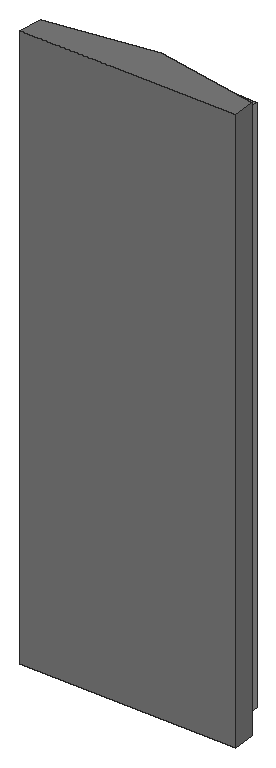
Revit family "JC KONTAKTER JCK105 Armbågskontakt", category Specialty Equipment, host Wall, Revit 2025
Family settings
  Host = Wall
  Round Connector Dimension = Use Diameter
  Part Type = Normal
  Enable Cutting in Views = Yes
  Always vertical = Yes
  Cut with Voids When Loaded = No
  Maintain Annotation Orientation = No
  Shared = No
  Room Calculation Point = No
Parameters (values of type "Armbågskontakt JCK105")
  URL = "https://jckontakter.se/produkt/armbagskontakter-plast/armbagskontakt-jck105/"
  Tillverkningsland = "Sverige"
  Tillvalsförteckning = "https://jckontakter.se/wp-content/uploads/sites/2/Tillval_metall_2024.pdf"
  Tekniskt produktblad = "https://jckontakter.se/wp-content/uploads/2019/06/JCK105.pdf"
  Produktvikt = "0.216 kg"
  Placering av armbågskontakt = "https://jckontakter.se/start/nyheter-och-information/armbagskontakter-placering-riktlinjer/"
  Nominell märkström = "12 V - Resistive 6A Inductive L/R 5ms 6A, 24 V - Resistive 6A Inductive L/R 5ms 5A"
  Model = "JCK105"  # constant formula
  Mikrobrytare = "Standard NO IP67"
  Manufacturer = "JC Kontakter"  # constant formula
  Lägsta märkström = "1mA/4 V DC"
  Core Finish = ABS 750SW (Mörk grå)
  Keynote = ""
  Lid Finish = ABS 750SW (Silver färg)
  Description = "Robust armbågskontakt i tålig ABS-plast. Stilren modell med silverfärgat lock och en kontrasterande mörkgrå underdel.\r\nJCK105 levereras med 1st mikrobrytare i IP67, men går även att beställa med fler."  # constant formula
  Default Elevation = 0 mm
  CE Dokument = "https://jckontakter.se/wp-content/uploads/CE_Dokument.pdf"
  Assembly Code = ""
  Antal mikrobrytare = 1
Reference planes
  plane 1 "Wall": y = 0
  plane 2 "Center (Left/Right)": x = 125
  plane 3 "Back": y = 75
  plane 4 "A": z = 800
Lines and regions (mm)
  Masking region 1
    outline origin (0, 0, -100) x (1, 0, 0) y (0, 0, 1)
      loop
        line (175, 1145) -> (75, 1145) -> (75, 900) -> (175, 900) -> (175, 1145)
  symbolic lines
    curve 1: line (75, 125, 0) -> (175, 125, 0)
    curve 2: line (75, 75, 0) -> (75, 125, 0)
    curve 3: line (175, 75, 0) -> (75, 75, 0)
    curve 4: line (175, 125, 0) -> (175, 75, 0)
    curve 5: line (175, 0, 1045) -> (75, 0, 1045)
    curve 6: line (175, 0, 800) -> (175, 0, 1045)
    curve 7: line (75, 0, 800) -> (175, 0, 800)
    curve 8: line (75, 0, 1045) -> (75, 0, 800)
Text (mm)
  text "Placement Side" at (-1848.837, 1116.779, 0), in view "Ref. Level"
  text "Placement side" at (0, 1409.804, 2854.306), in view "Left"
  text "Placement side" at (0, 499.811, 2980.732), in view "Right"
Dimensions and locks
  locked: plane 3 "Back" to host wall
  locked: curve 3 to curve 1 at 50
  aligned and locked: plane 1 "Wall" to host wall
  aligned and locked: nested 1 to plane 3 "Back"
  aligned and locked: curve 3 to plane 3 "Back"
  aligned and locked: plane 4 "A" to curve 7
  aligned and locked: curve 6 to Masking region 1
  aligned and locked: Masking region 1 to curve 8
Nested families
  nested 1: "AK_105" at (125, 75, 800) x (-1, 0, 0) z (0, 0, 1), type "AK_105", detail levels medium+fine
Definition of nested family "AK_105"
  Parameters (values of type "AK_105")
    URL = "https://jckontakter.se/produkt/armbagskontakter-plast/armbagskontakt-jck105/"
    Model = "JCK105"  # constant formula
    Manufacturer = "JC Kontakter"  # constant formula
    Lid Finish = none
    Core Finish = none
    Description = "Robust armbågskontakt i tålig ABS-plast. Stilren modell med silverfärgat lock och en kontrasterande mörkgrå underdel.\r\nJCK105 levereras med 1st mikrobrytare i IP67, men går även att beställa med fler.\r\nJCK103 levereras med 1st mikrobrytare i IP67, men går även att beställa med fler."  # constant formula
    Default Elevation = 0 mm
  Reference planes
    plane 1 "Center (Front/Back)": y = 0
    plane 2: z = 0
    plane 3 "Center (Left/Right)": x = 0
    plane 4 "1": x = 47.5
    plane 5 "A": z = 5
    plane 6 "B": z = 245
  Forms (mm)
    Extrusion 1, solid, material <- "Core Finish"
      sketch origin (0, 0, 0) x (1, 0, 0) y (0, 1, 0)
        loop
          line (-47.5, 0) -> (-46.5, -10) -> (0, -18) -> (46.5, -10) -> (47.5, 0) -> (-47.5, 0)
      from 0 to 250
    Extrusion 2, void
      sketch origin (0, 0, 0) x (1, 0, 0) y (0, 1, 0)
        loop
          line (-42.5, -4) -> (-42.5, -18.223) -> (42.5, -18.223) -> (42.5, -4) -> (-42.5, -4)
      from 5 to 245
    Extrusion 3, solid, material <- "Lid Finish"
      sketch origin (0, 0, 5) x (-1, 0, 0) y (0, -1, 0)
        loop
          line (-42, 6) -> (42, 6) -> (41.473, 18.808) -> (-26.802, 21.808) -> (-41.637, 14.808) -> (-42, 6)
      from 0.5 to 239.5
  Cuts and joins
    Extrusion 2 cuts Extrusion 1
  Dimensions and locks
    aligned and locked: level to plane 2
